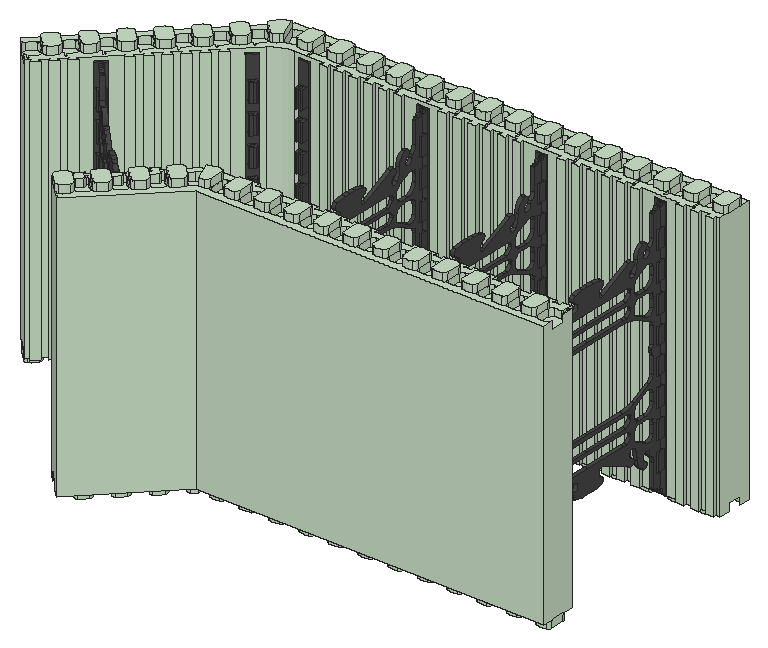
Revit family (continued)
Definition of nested family "NUDURA Logo Diamond Missing Outside Line"
  Lines and regions (mm)
    model lines
      curve 157: line (306.598, 0, 228.599) -> (296.768, 0, 230.786)
      curve 158: line (296.768, 0, 230.786) -> (296.768, 0, 215.343)
      curve 159: line (302.723, 0, 230.274) -> (312.702, 0, 228.039)
      curve 160: line (300.341, 0, 217.291) -> (300.341, 0, 223.486)
      curve 161: line (300.341, 0, 223.486) -> (306.598, 0, 222.094)
      curve 162: line (296.768, 0, 205.027) -> (296.768, 0, 197.49)
      curve 163: line (302.723, 0, 190.055) -> (310.162, 0, 188.389)
      curve 164: line (310.162, 0, 188.389) -> (310.162, 0, 176.633)
      curve 165: line (308.892, 0, 175.363) -> (307.868, 0, 175.363)
      curve 166: line (306.598, 0, 176.633) -> (306.598, 0, 180.004)
      curve 167: line (306.598, 0, 180.004) -> (307.868, 0, 179.719)
      curve 168: line (307.868, 0, 179.719) -> (307.868, 0, 186.3)
      curve 169: line (307.868, 0, 186.3) -> (296.768, 0, 188.785)
      curve 170: line (296.768, 0, 188.785) -> (296.768, 0, 182.205)
      curve 171: line (296.768, 0, 182.205) -> (304.058, 0, 180.572)
      curve 172: line (304.058, 0, 180.572) -> (304.058, 0, 177.654)
      curve 173: line (302.788, 0, 176.384) -> (296.768, 0, 176.384)
      curve 174: line (296.768, 0, 176.384) -> (296.768, 0, 164.003)
      curve 175: line (296.768, 0, 164.003) -> (299.284, 0, 162.219)
      curve 176: line (299.284, 0, 162.219) -> (299.284, 0, 153.715)
      curve 177: line (307.942, 0, 156.079) -> (301.824, 0, 160.418)
      curve 178: line (301.824, 0, 160.418) -> (301.824, 0, 154.409)
      curve 179: line (301.824, 0, 154.409) -> (307.942, 0, 156.079)
      curve 180: line (299.284, 0, 153.715) -> (296.768, 0, 153.028)
      curve 181: line (296.768, 0, 153.028) -> (296.768, 0, 146.14)
      curve 182: line (296.768, 0, 146.14) -> (312.702, 0, 150.491)
      curve 183: line (312.702, 0, 150.491) -> (312.702, 0, 159.713)
      curve 184: line (312.702, 0, 159.713) -> (298.767, 0, 169.594)
      curve 185: line (298.767, 0, 169.594) -> (302.342, 0, 169.594)
      curve 186: line (312.702, 0, 172.383) -> (312.702, 0, 193.945)
      curve 187: line (312.702, 0, 193.945) -> (302.326, 0, 196.268)
      curve 188: line (300.341, 0, 198.747) -> (300.341, 0, 201.381)
      curve 189: line (301.888, 0, 202.62) -> (312.702, 0, 200.199)
      curve 190: line (312.702, 0, 200.199) -> (312.702, 0, 206.628)
      curve 191: line (312.702, 0, 206.628) -> (306.843, 0, 207.728)
      curve 192: line (312.702, 0, 212.942) -> (312.702, 0, 227.241)
      curve 193: line (312.702, 0, 227.241) -> (309.138, 0, 228.034)
      curve 194: line (309.138, 0, 228.034) -> (309.138, 0, 217.291)
      curve 195: line (312.702, 0, 228.039) -> (312.702, 0, 234.164)
      curve 196: line (312.702, 0, 234.164) -> (302.326, 0, 236.488)
      curve 197: line (300.341, 0, 238.966) -> (300.341, 0, 241.6)
      curve 198: line (301.736, 0, 242.874) -> (312.702, 0, 240.418)
      curve 199: line (312.702, 0, 240.418) -> (312.702, 0, 253.611)
      curve 200: line (312.702, 0, 253.611) -> (302.429, 0, 255.912)
      curve 201: line (302.429, 0, 255.912) -> (312.702, 0, 259.27)
      curve 202: line (312.702, 0, 259.27) -> (312.702, 0, 269.344)
      curve 203: arc (296.768, 0, 245.246) -> (298.145, 0, 248.178) -> (301.281, 0, 248.991) r 3.81
      curve 204: arc (296.768, 0, 237.71) -> (298.44, 0, 232.946) -> (302.723, 0, 230.274) r 7.62
      curve 205: arc (300.842, 0, 208.826) -> (297.87, 0, 211.5) -> (296.768, 0, 215.343) r 7.251
      curve 206: arc (296.768, 0, 205.027) -> (297.979, 0, 207.812) -> (300.842, 0, 208.826) r 3.808
      curve 207: arc (296.768, 0, 197.49) -> (298.44, 0, 192.727) -> (302.723, 0, 190.055) r 7.62
      curve 208: arc (300.341, 0, 198.747) -> (300.898, 0, 197.159) -> (302.326, 0, 196.268) r 2.54
      curve 209: arc (300.341, 0, 201.381) -> (300.817, 0, 202.372) -> (301.888, 0, 202.62) r 1.27
      curve 210: arc (307.868, 0, 175.363) -> (306.969, 0, 175.735) -> (306.598, 0, 176.633) r 1.27
      curve 211: arc (308.892, 0, 175.363) -> (309.79, 0, 175.735) -> (310.162, 0, 176.633) r 1.27
      curve 212: arc (304.058, 0, 177.654) -> (303.686, 0, 176.756) -> (302.788, 0, 176.384) r 1.27
      curve 213: arc (302.342, 0, 169.594) -> (303.976, 0, 170.198) -> (304.826, 0, 171.718) r 2.516
      curve 214: arc (304.826, 0, 171.718) -> (309.07, 0, 168.432) -> (312.702, 0, 172.383) r 3.966
      curve 215: arc (306.843, 0, 207.728) -> (310.942, 0, 209.02) -> (312.702, 0, 212.942) r 5.249
      curve 216: arc (300.341, 0, 217.291) -> (304.739, 0, 212.893) -> (309.138, 0, 217.291) r 4.398
      curve 217: arc (300.341, 0, 238.966) -> (300.898, 0, 237.378) -> (302.326, 0, 236.488) r 2.54
      curve 218: arc (300.341, 0, 241.6) -> (300.886, 0, 242.648) -> (302.057, 0, 242.802) r 1.279
      curve 219: arc (285.685, 0, 308.065) -> (288.475, 0, 314.8) -> (295.21, 0, 317.59) r 9.525
      curve 220: arc (314.26, 0, 317.59) -> (320.995, 0, 314.8) -> (323.785, 0, 308.065) r 9.525
      curve 221: arc (285.685, 0, 149.315) -> (288.475, 0, 142.58) -> (295.21, 0, 139.79) r 9.525
      curve 222: arc (314.26, 0, 139.79) -> (320.995, 0, 142.58) -> (323.785, 0, 149.315) r 9.525
      curve 223: line (253.935, 0, 457.2) -> (253.935, 0, 0)
      curve 224: line (355.535, 0, 457.2) -> (355.535, 0, 0)
Definition of nested family "NUDURA Diamond Pattern Missing One Line"
  Reference planes
    plane 1 "Center (Front/Back)": y = 0
    plane 2: z = 0
    plane 3 "Center (Left/Right)": x = 0
    plane 4: z = 457.2
  Lines and regions (mm)
    model lines
      curve 1: line (152.4, -142.875, 457.2) -> (152.4, -142.875, 0)
      curve 2: line (50.8, -142.875, 457.2) -> (50.8, -142.875, 0)
      curve 3: line (85.183, -142.875, 431.415) -> (93.906, -142.875, 422.692)
      curve 4: arc (85.183, -142.875, 444.885) -> (82.394, -142.875, 438.15) -> (85.183, -142.875, 431.415) r 9.525
      curve 5: line (94.708, -142.875, 454.41) -> (85.183, -142.875, 444.885)
      curve 6: arc (108.179, -142.875, 454.41) -> (101.444, -142.875, 457.2) -> (94.708, -142.875, 454.41) r 9.525
      curve 7: line (117.704, -142.875, 444.885) -> (108.179, -142.875, 454.41)
      curve 8: arc (117.704, -142.875, 431.415) -> (120.494, -142.875, 438.15) -> (117.704, -142.875, 444.885) r 9.525
      curve 9: line (108.981, -142.875, 422.692) -> (117.704, -142.875, 431.415)
      curve 10: arc (105.934, -142.875, 452.165) -> (101.444, -142.875, 454.025) -> (96.953, -142.875, 452.165) r 6.35
      curve 11: line (115.459, -142.875, 442.64) -> (105.934, -142.875, 452.165)
      curve 12: arc (115.459, -142.875, 433.66) -> (117.319, -142.875, 438.15) -> (115.459, -142.875, 442.64) r 6.35
      curve 13: line (105.934, -142.875, 424.135) -> (115.459, -142.875, 433.66)
      curve 14: arc (96.953, -142.875, 424.135) -> (101.444, -142.875, 422.275) -> (105.934, -142.875, 424.135) r 6.35
      curve 15: line (87.428, -142.875, 433.66) -> (96.953, -142.875, 424.135)
      curve 16: arc (87.428, -142.875, 442.64) -> (85.569, -142.875, 438.15) -> (87.428, -142.875, 433.66) r 6.35
      curve 17: line (96.953, -142.875, 452.165) -> (87.428, -142.875, 442.64)
      curve 18: arc (93.906, -142.875, 415.508) -> (95.394, -142.875, 419.1) -> (93.906, -142.875, 422.692) r 5.08
      curve 19: line (117.704, -142.875, 406.785) -> (108.981, -142.875, 415.508)
      curve 20: arc (117.704, -142.875, 393.315) -> (120.494, -142.875, 400.05) -> (117.704, -142.875, 406.785) r 9.525
      curve 21: line (108.981, -142.875, 384.592) -> (117.704, -142.875, 393.315)
      curve 22: line (85.183, -142.875, 393.315) -> (93.906, -142.875, 384.592)
      curve 23: arc (85.183, -142.875, 406.785) -> (82.394, -142.875, 400.05) -> (85.183, -142.875, 393.315) r 9.525
      curve 24: line (93.906, -142.875, 415.508) -> (85.183, -142.875, 406.785)
      curve 25: arc (105.934, -142.875, 414.065) -> (101.444, -142.875, 415.925) -> (96.953, -142.875, 414.065) r 6.35
      curve 26: line (96.953, -142.875, 414.065) -> (87.428, -142.875, 404.54)
      curve 27: arc (87.428, -142.875, 404.54) -> (85.569, -142.875, 400.05) -> (87.428, -142.875, 395.56) r 6.35
      curve 28: line (87.428, -142.875, 395.56) -> (96.953, -142.875, 386.035)
      curve 29: arc (96.953, -142.875, 386.035) -> (101.444, -142.875, 384.175) -> (105.934, -142.875, 386.035) r 6.35
      curve 30: line (105.934, -142.875, 386.035) -> (115.459, -142.875, 395.56)
      curve 31: arc (115.459, -142.875, 395.56) -> (117.319, -142.875, 400.05) -> (115.459, -142.875, 404.54) r 6.35
      curve 32: line (115.459, -142.875, 404.54) -> (105.934, -142.875, 414.065)
      curve 33: arc (93.906, -142.875, 377.408) -> (95.394, -142.875, 381) -> (93.906, -142.875, 384.592) r 5.08
      curve 34: line (117.704, -142.875, 368.685) -> (108.981, -142.875, 377.408)
      curve 35: arc (117.704, -142.875, 355.215) -> (120.494, -142.875, 361.95) -> (117.704, -142.875, 368.685) r 9.525
      curve 36: line (108.981, -142.875, 346.492) -> (117.704, -142.875, 355.215)
      curve 37: line (85.183, -142.875, 355.215) -> (93.906, -142.875, 346.492)
      curve 38: arc (85.183, -142.875, 368.685) -> (82.394, -142.875, 361.95) -> (85.183, -142.875, 355.215) r 9.525
      curve 39: line (93.906, -142.875, 377.408) -> (85.183, -142.875, 368.685)
      curve 40: arc (105.934, -142.875, 375.965) -> (101.444, -142.875, 377.825) -> (96.953, -142.875, 375.965) r 6.35
      curve 41: line (96.953, -142.875, 375.965) -> (87.428, -142.875, 366.44)
      curve 42: arc (87.428, -142.875, 366.44) -> (85.569, -142.875, 361.95) -> (87.428, -142.875, 357.46) r 6.35
      curve 43: line (87.428, -142.875, 357.46) -> (96.953, -142.875, 347.935)
      curve 44: arc (96.953, -142.875, 347.935) -> (101.444, -142.875, 346.075) -> (105.934, -142.875, 347.935) r 6.35
      curve 45: line (105.934, -142.875, 347.935) -> (115.459, -142.875, 357.46)
      curve 46: arc (115.459, -142.875, 357.46) -> (117.319, -142.875, 361.95) -> (115.459, -142.875, 366.44) r 6.35
      curve 47: line (115.459, -142.875, 366.44) -> (105.934, -142.875, 375.965)
      curve 48: arc (93.906, -142.875, 339.308) -> (95.394, -142.875, 342.9) -> (93.906, -142.875, 346.492) r 5.08
      curve 49: line (117.704, -142.875, 330.585) -> (108.981, -142.875, 339.308)
      curve 50: arc (117.704, -142.875, 317.115) -> (120.494, -142.875, 323.85) -> (117.704, -142.875, 330.585) r 9.525
      curve 51: line (108.981, -142.875, 308.392) -> (117.704, -142.875, 317.115)
      curve 52: line (85.183, -142.875, 317.115) -> (93.906, -142.875, 308.392)
      curve 53: arc (85.183, -142.875, 330.585) -> (82.394, -142.875, 323.85) -> (85.183, -142.875, 317.115) r 9.525
      curve 54: line (93.906, -142.875, 339.308) -> (85.183, -142.875, 330.585)
      curve 55: arc (105.934, -142.875, 337.865) -> (101.444, -142.875, 339.725) -> (96.953, -142.875, 337.865) r 6.35
      curve 56: line (96.953, -142.875, 337.865) -> (87.428, -142.875, 328.34)
      curve 57: arc (87.428, -142.875, 328.34) -> (85.569, -142.875, 323.85) -> (87.428, -142.875, 319.36) r 6.35
      curve 58: line (87.428, -142.875, 319.36) -> (96.953, -142.875, 309.835)
      curve 59: arc (96.953, -142.875, 309.835) -> (101.444, -142.875, 307.975) -> (105.934, -142.875, 309.835) r 6.35
      curve 60: line (105.934, -142.875, 309.835) -> (115.459, -142.875, 319.36)
      curve 61: arc (115.459, -142.875, 319.36) -> (117.319, -142.875, 323.85) -> (115.459, -142.875, 328.34) r 6.35
      curve 62: line (115.459, -142.875, 328.34) -> (105.934, -142.875, 337.865)
      curve 63: arc (93.906, -142.875, 301.208) -> (95.394, -142.875, 304.8) -> (93.906, -142.875, 308.392) r 5.08
      curve 64: line (117.704, -142.875, 292.485) -> (108.981, -142.875, 301.208)
      curve 65: arc (117.704, -142.875, 279.015) -> (120.494, -142.875, 285.75) -> (117.704, -142.875, 292.485) r 9.525
      curve 66: line (108.981, -142.875, 270.292) -> (117.704, -142.875, 279.015)
      curve 67: line (85.183, -142.875, 279.015) -> (93.906, -142.875, 270.292)
      curve 68: arc (85.183, -142.875, 292.485) -> (82.394, -142.875, 285.75) -> (85.183, -142.875, 279.015) r 9.525
      curve 69: line (93.906, -142.875, 301.208) -> (85.183, -142.875, 292.485)
      curve 70: arc (105.934, -142.875, 299.765) -> (101.444, -142.875, 301.625) -> (96.953, -142.875, 299.765) r 6.35
      curve 71: line (96.953, -142.875, 299.765) -> (87.428, -142.875, 290.24)
      curve 72: arc (87.428, -142.875, 290.24) -> (85.569, -142.875, 285.75) -> (87.428, -142.875, 281.26) r 6.35
      curve 73: line (87.428, -142.875, 281.26) -> (96.953, -142.875, 271.735)
      curve 74: arc (96.953, -142.875, 271.735) -> (101.444, -142.875, 269.875) -> (105.934, -142.875, 271.735) r 6.35
      curve 75: line (105.934, -142.875, 271.735) -> (115.459, -142.875, 281.26)
      curve 76: arc (115.459, -142.875, 281.26) -> (117.319, -142.875, 285.75) -> (115.459, -142.875, 290.24) r 6.35
      curve 77: line (115.459, -142.875, 290.24) -> (105.934, -142.875, 299.765)
      curve 78: arc (93.906, -142.875, 263.108) -> (95.394, -142.875, 266.7) -> (93.906, -142.875, 270.292) r 5.08
      curve 79: line (117.704, -142.875, 254.385) -> (108.981, -142.875, 263.108)
      curve 80: arc (117.704, -142.875, 240.915) -> (120.494, -142.875, 247.65) -> (117.704, -142.875, 254.385) r 9.525
      curve 81: line (108.981, -142.875, 232.192) -> (117.704, -142.875, 240.915)
      curve 82: line (85.183, -142.875, 240.915) -> (93.906, -142.875, 232.192)
      curve 83: arc (85.183, -142.875, 254.385) -> (82.394, -142.875, 247.65) -> (85.183, -142.875, 240.915) r 9.525
      curve 84: line (93.906, -142.875, 263.108) -> (85.183, -142.875, 254.385)
      curve 85: arc (105.934, -142.875, 261.665) -> (101.444, -142.875, 263.525) -> (96.953, -142.875, 261.665) r 6.35
      curve 86: line (96.953, -142.875, 261.665) -> (87.428, -142.875, 252.14)
      curve 87: arc (87.428, -142.875, 252.14) -> (85.569, -142.875, 247.65) -> (87.428, -142.875, 243.16) r 6.35
      curve 88: line (87.428, -142.875, 243.16) -> (96.953, -142.875, 233.635)
      curve 89: arc (96.953, -142.875, 233.635) -> (101.444, -142.875, 231.775) -> (105.934, -142.875, 233.635) r 6.35
      curve 90: line (105.934, -142.875, 233.635) -> (115.459, -142.875, 243.16)
      curve 91: arc (115.459, -142.875, 243.16) -> (117.319, -142.875, 247.65) -> (115.459, -142.875, 252.14) r 6.35
      curve 92: line (115.459, -142.875, 252.14) -> (105.934, -142.875, 261.665)
      curve 93: arc (93.906, -142.875, 225.008) -> (95.394, -142.875, 228.6) -> (93.906, -142.875, 232.192) r 5.08
      curve 94: line (117.704, -142.875, 216.285) -> (108.981, -142.875, 225.008)
      curve 95: arc (117.704, -142.875, 202.815) -> (120.494, -142.875, 209.55) -> (117.704, -142.875, 216.285) r 9.525
      curve 96: line (108.981, -142.875, 194.092) -> (117.704, -142.875, 202.815)
      curve 97: line (85.183, -142.875, 202.815) -> (93.906, -142.875, 194.092)
      curve 98: arc (85.183, -142.875, 216.285) -> (82.394, -142.875, 209.55) -> (85.183, -142.875, 202.815) r 9.525
      curve 99: line (93.906, -142.875, 225.008) -> (85.183, -142.875, 216.285)
      curve 100: arc (105.934, -142.875, 223.565) -> (101.444, -142.875, 225.425) -> (96.953, -142.875, 223.565) r 6.35
      curve 101: line (96.953, -142.875, 223.565) -> (87.428, -142.875, 214.04)
      curve 102: arc (87.428, -142.875, 214.04) -> (85.569, -142.875, 209.55) -> (87.428, -142.875, 205.06) r 6.35
      curve 103: line (87.428, -142.875, 205.06) -> (96.953, -142.875, 195.535)
      curve 104: arc (96.953, -142.875, 195.535) -> (101.444, -142.875, 193.675) -> (105.934, -142.875, 195.535) r 6.35
      curve 105: line (105.934, -142.875, 195.535) -> (115.459, -142.875, 205.06)
      curve 106: arc (115.459, -142.875, 205.06) -> (117.319, -142.875, 209.55) -> (115.459, -142.875, 214.04) r 6.35
      curve 107: line (115.459, -142.875, 214.04) -> (105.934, -142.875, 223.565)
      curve 108: arc (93.906, -142.875, 186.908) -> (95.394, -142.875, 190.5) -> (93.906, -142.875, 194.092) r 5.08
      curve 109: line (117.704, -142.875, 178.185) -> (108.981, -142.875, 186.908)
      curve 110: arc (117.704, -142.875, 164.715) -> (120.494, -142.875, 171.45) -> (117.704, -142.875, 178.185) r 9.525
      curve 111: line (108.981, -142.875, 155.992) -> (117.704, -142.875, 164.715)
      curve 112: line (85.183, -142.875, 164.715) -> (93.906, -142.875, 155.992)
      curve 113: arc (85.183, -142.875, 178.185) -> (82.394, -142.875, 171.45) -> (85.183, -142.875, 164.715) r 9.525
      curve 114: line (93.906, -142.875, 186.908) -> (85.183, -142.875, 178.185)
      curve 115: arc (105.934, -142.875, 185.465) -> (101.444, -142.875, 187.325) -> (96.953, -142.875, 185.465) r 6.35
      curve 116: line (96.953, -142.875, 185.465) -> (87.428, -142.875, 175.94)
      curve 117: arc (87.428, -142.875, 175.94) -> (85.569, -142.875, 171.45) -> (87.428, -142.875, 166.96) r 6.35
      curve 118: line (87.428, -142.875, 166.96) -> (96.953, -142.875, 157.435)
      curve 119: arc (96.953, -142.875, 157.435) -> (101.444, -142.875, 155.575) -> (105.934, -142.875, 157.435) r 6.35
      curve 120: line (105.934, -142.875, 157.435) -> (115.459, -142.875, 166.96)
      curve 121: arc (115.459, -142.875, 166.96) -> (117.319, -142.875, 171.45) -> (115.459, -142.875, 175.94) r 6.35
      curve 122: line (115.459, -142.875, 175.94) -> (105.934, -142.875, 185.465)
      curve 123: arc (93.906, -142.875, 148.808) -> (95.394, -142.875, 152.4) -> (93.906, -142.875, 155.992) r 5.08
      curve 124: line (117.704, -142.875, 140.085) -> (108.981, -142.875, 148.808)
      curve 125: arc (117.704, -142.875, 126.615) -> (120.494, -142.875, 133.35) -> (117.704, -142.875, 140.085) r 9.525
      curve 126: line (108.981, -142.875, 117.892) -> (117.704, -142.875, 126.615)
      curve 127: line (85.183, -142.875, 126.615) -> (93.906, -142.875, 117.892)
      curve 128: arc (85.183, -142.875, 140.085) -> (82.394, -142.875, 133.35) -> (85.183, -142.875, 126.615) r 9.525
      curve 129: line (93.906, -142.875, 148.808) -> (85.183, -142.875, 140.085)
      curve 130: arc (105.934, -142.875, 147.365) -> (101.444, -142.875, 149.225) -> (96.953, -142.875, 147.365) r 6.35
      curve 131: line (96.953, -142.875, 147.365) -> (87.428, -142.875, 137.84)
      curve 132: arc (87.428, -142.875, 137.84) -> (85.569, -142.875, 133.35) -> (87.428, -142.875, 128.86) r 6.35
      curve 133: line (87.428, -142.875, 128.86) -> (96.953, -142.875, 119.335)
      curve 134: arc (96.953, -142.875, 119.335) -> (101.444, -142.875, 117.475) -> (105.934, -142.875, 119.335) r 6.35
      curve 135: line (105.934, -142.875, 119.335) -> (115.459, -142.875, 128.86)
      curve 136: arc (115.459, -142.875, 128.86) -> (117.319, -142.875, 133.35) -> (115.459, -142.875, 137.84) r 6.35
      curve 137: line (115.459, -142.875, 137.84) -> (105.934, -142.875, 147.365)
      curve 138: arc (93.906, -142.875, 110.708) -> (95.394, -142.875, 114.3) -> (93.906, -142.875, 117.892) r 5.08
      curve 139: line (117.704, -142.875, 101.985) -> (108.981, -142.875, 110.708)
      curve 140: arc (117.704, -142.875, 88.515) -> (120.494, -142.875, 95.25) -> (117.704, -142.875, 101.985) r 9.525
      curve 141: line (108.981, -142.875, 79.792) -> (117.704, -142.875, 88.515)
      curve 142: line (85.183, -142.875, 88.515) -> (93.906, -142.875, 79.792)
      curve 143: arc (85.183, -142.875, 101.985) -> (82.394, -142.875, 95.25) -> (85.183, -142.875, 88.515) r 9.525
      curve 144: line (93.906, -142.875, 110.708) -> (85.183, -142.875, 101.985)
      curve 145: arc (105.934, -142.875, 109.265) -> (101.444, -142.875, 111.125) -> (96.953, -142.875, 109.265) r 6.35
      curve 146: line (96.953, -142.875, 109.265) -> (87.428, -142.875, 99.74)
      curve 147: arc (87.428, -142.875, 99.74) -> (85.569, -142.875, 95.25) -> (87.428, -142.875, 90.76) r 6.35
      curve 148: line (87.428, -142.875, 90.76) -> (96.953, -142.875, 81.235)
      curve 149: arc (96.953, -142.875, 81.235) -> (101.444, -142.875, 79.375) -> (105.934, -142.875, 81.235) r 6.35
      curve 150: line (105.934, -142.875, 81.235) -> (115.459, -142.875, 90.76)
      curve 151: arc (115.459, -142.875, 90.76) -> (117.319, -142.875, 95.25) -> (115.459, -142.875, 99.74) r 6.35
      curve 152: line (115.459, -142.875, 99.74) -> (105.934, -142.875, 109.265)
      curve 153: arc (93.906, -142.875, 72.608) -> (95.394, -142.875, 76.2) -> (93.906, -142.875, 79.792) r 5.08
      curve 154: line (117.704, -142.875, 63.885) -> (108.981, -142.875, 72.608)
      curve 155: arc (117.704, -142.875, 50.415) -> (120.494, -142.875, 57.15) -> (117.704, -142.875, 63.885) r 9.525
      curve 156: line (108.981, -142.875, 41.692) -> (117.704, -142.875, 50.415)
      curve 157: line (85.183, -142.875, 50.415) -> (93.906, -142.875, 41.692)
      curve 158: arc (85.183, -142.875, 63.885) -> (82.394, -142.875, 57.15) -> (85.183, -142.875, 50.415) r 9.525
      curve 159: line (93.906, -142.875, 72.608) -> (85.183, -142.875, 63.885)
      curve 160: arc (105.934, -142.875, 71.165) -> (101.444, -142.875, 73.025) -> (96.953, -142.875, 71.165) r 6.35
      curve 161: line (96.953, -142.875, 71.165) -> (87.428, -142.875, 61.64)
      curve 162: arc (87.428, -142.875, 61.64) -> (85.569, -142.875, 57.15) -> (87.428, -142.875, 52.66) r 6.35
      curve 163: line (87.428, -142.875, 52.66) -> (96.953, -142.875, 43.135)
      curve 164: arc (96.953, -142.875, 43.135) -> (101.444, -142.875, 41.275) -> (105.934, -142.875, 43.135) r 6.35
      curve 165: line (105.934, -142.875, 43.135) -> (115.459, -142.875, 52.66)
      curve 166: arc (115.459, -142.875, 52.66) -> (117.319, -142.875, 57.15) -> (115.459, -142.875, 61.64) r 6.35
      curve 167: line (115.459, -142.875, 61.64) -> (105.934, -142.875, 71.165)
      curve 168: arc (93.906, -142.875, 34.508) -> (95.394, -142.875, 38.1) -> (93.906, -142.875, 41.692) r 5.08
      curve 169: line (93.906, -142.875, 34.508) -> (85.183, -142.875, 25.785)
      curve 170: arc (85.183, -142.875, 25.785) -> (82.394, -142.875, 19.05) -> (85.183, -142.875, 12.315) r 9.525
      curve 171: line (85.183, -142.875, 12.315) -> (94.708, -142.875, 2.79)
      curve 172: arc (94.708, -142.875, 2.79) -> (101.444, -142.875, 0) -> (108.179, -142.875, 2.79) r 9.525
      curve 173: line (108.179, -142.875, 2.79) -> (117.704, -142.875, 12.315)
      curve 174: arc (117.704, -142.875, 12.315) -> (120.494, -142.875, 19.05) -> (117.704, -142.875, 25.785) r 9.525
      curve 175: line (117.704, -142.875, 25.785) -> (108.981, -142.875, 34.508)
      curve 176: arc (108.981, -142.875, 41.692) -> (107.493, -142.875, 38.1) -> (108.981, -142.875, 34.508) r 5.08
      curve 177: arc (105.934, -142.875, 33.065) -> (101.444, -142.875, 34.925) -> (96.953, -142.875, 33.065) r 6.35
      curve 178: line (115.459, -142.875, 23.54) -> (105.934, -142.875, 33.065)
      curve 179: arc (115.459, -142.875, 14.56) -> (117.319, -142.875, 19.05) -> (115.459, -142.875, 23.54) r 6.35
      curve 180: line (105.934, -142.875, 5.035) -> (115.459, -142.875, 14.56)
      curve 181: arc (96.953, -142.875, 5.035) -> (101.444, -142.875, 3.175) -> (105.934, -142.875, 5.035) r 6.35
      curve 182: line (87.428, -142.875, 14.56) -> (96.953, -142.875, 5.035)
      curve 183: arc (87.428, -142.875, 23.54) -> (85.569, -142.875, 19.05) -> (87.428, -142.875, 14.56) r 6.35
      curve 184: line (96.953, -142.875, 33.065) -> (87.428, -142.875, 23.54)
      curve 185: arc (108.981, -142.875, 79.792) -> (107.493, -142.875, 76.2) -> (108.981, -142.875, 72.608) r 5.08
      curve 186: arc (108.981, -142.875, 117.892) -> (107.493, -142.875, 114.3) -> (108.981, -142.875, 110.708) r 5.08
      curve 187: arc (108.981, -142.875, 155.992) -> (107.493, -142.875, 152.4) -> (108.981, -142.875, 148.808) r 5.08
      curve 188: arc (108.981, -142.875, 194.092) -> (107.493, -142.875, 190.5) -> (108.981, -142.875, 186.908) r 5.08
      curve 189: arc (108.981, -142.875, 232.192) -> (107.493, -142.875, 228.6) -> (108.981, -142.875, 225.008) r 5.08
      curve 190: arc (108.981, -142.875, 270.292) -> (107.493, -142.875, 266.7) -> (108.981, -142.875, 263.108) r 5.08
      curve 191: arc (108.981, -142.875, 308.392) -> (107.493, -142.875, 304.8) -> (108.981, -142.875, 301.208) r 5.08
      curve 192: arc (108.981, -142.875, 346.492) -> (107.493, -142.875, 342.9) -> (108.981, -142.875, 339.308) r 5.08
      curve 193: arc (108.981, -142.875, 384.592) -> (107.493, -142.875, 381) -> (108.981, -142.875, 377.408) r 5.08
      curve 194: arc (108.981, -142.875, 422.692) -> (107.493, -142.875, 419.1) -> (108.981, -142.875, 415.508) r 5.08
